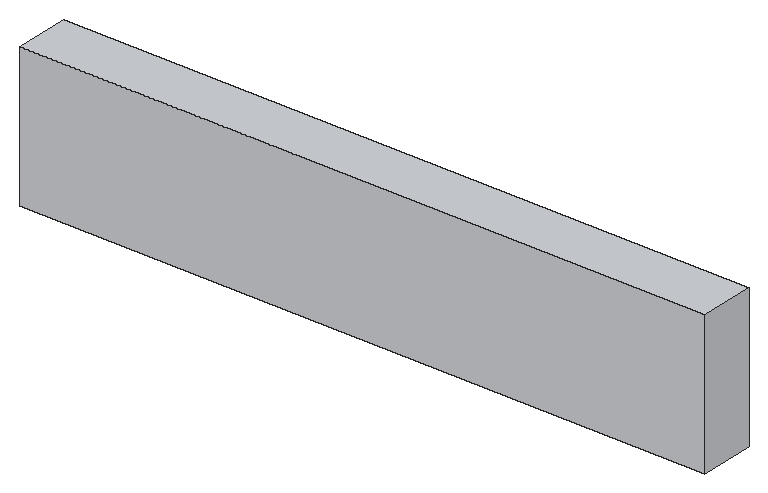
Revit family "Beam", category Structural Framing, Revit 2026
Family settings
  Display in Hidden Views = Edges Hidden by Other Members
  Section Shape = Not Defined
  Material for Model Behavior = Concrete
  Always export as geometry = No
  Always vertical = Yes
  Cut with Voids When Loaded = No
  Symbolic Representation = From Family
  Shared = No
  Show family pre-cut in plan views = Yes
Parameters (values of type "Beam 200x520")
  Width = 200 mm
  Length [instance] = 3000 mm
  Height = 520 mm
Types (13, lengths in mm): name | Width | Height
  Beam 240x650 | 240 | 650
  Beam 220x1100 | 220 | 1100
  Beam 300x600 | 300 | 600
  Beam 200x515 | 200 | 515
  Beam 220x480 | 220 | 480
  Beam 200x570 | 200 | 570
  Beam 200x420 | 200 | 420
  Beam 200x800 | 200 | 800
  Beam 250x600 | 250 | 600
  Beam 200x500 | 200 | 500
  Beam 200x520 | 200 | 520
  Beam 220x600 | 220 | 600
  Beam 200x800 Timber | 200 | 800
Reference planes
  plane 1 "Center (Front/Back)": y = 0
  plane 2 "Center Elevation": z = 0
  plane 3 "Center (Left/Right)": x = 0
  plane 4 "Left": x = -1500
  plane 5 "Member Left": x = -1250
  plane 6 "Stick Symbol Left": x = -1000
  plane 7 "Right": x = 1500
  plane 8 "Member Right": x = 1250
  plane 9 "Stick Symbol Right": x = 1000
  plane 10: y = 100
  plane 11: y = -100
  plane 12: z = 40
  plane 13: z = -260
Forms (mm)
  Extrusion 1, solid, detail levels medium+fine
    sketch origin (0, 0, -110) x (0, 1, 0) y (0, 0, 1)
      loop
        line (100, 370) -> (-100, 370) -> (-100, -150) -> (100, -150) -> (100, 370)
    from -1250 to 1250
Dimensions and locks
  equal spacing: plane 4 "Left", plane 3 "Center (Left/Right)", plane 7 "Right"
  "Length": plane 4 "Left" to plane 7 "Right"
  "Height": Extrusion 1 to Extrusion 1
  "Width": Extrusion 1 to Extrusion 1
  plane 1 "Center (Front/Back)" to Extrusion 1 sketch curve = 100 mm
  Extrusion 1 to level to Extrusion 1 = 260 mm, 260 mm
  equal spacing: Extrusion 1, plane 1 "Center (Front/Back)", Extrusion 1
  aligned and locked: plane 10 to Extrusion 1 sketch curve
  aligned and locked: plane 13 to Extrusion 1 sketch curve
  aligned and locked: plane 5 "Member Left" to Extrusion 1
  aligned and locked: Extrusion 1 to plane 8 "Member Right"
  aligned and locked: level to plane 2 "Center Elevation"
Automatic sketch dimensions
  level to Extrusion 1 sketch curve = 260 mm
